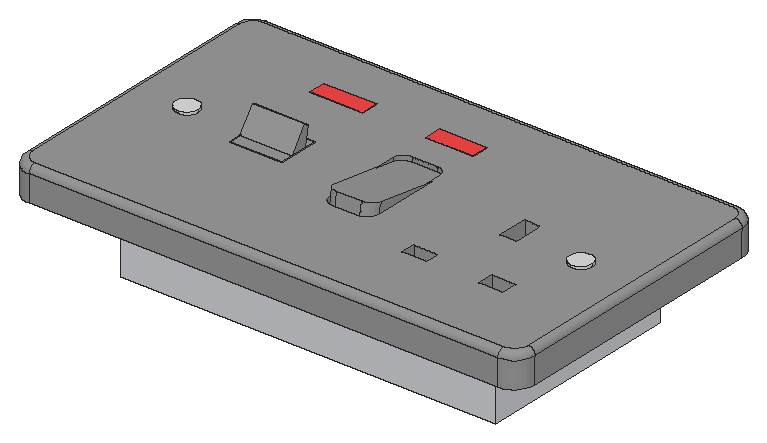
Revit family "ElectricalFixture_WiringAccessories_Hager_Sollysta_CookerControlUnit", category Electrical Fixtures, host Face, Revit 2015
Parameters (values of type "WMCC50N")
  Warranty ID = ""
  Voltage (Volts) = "230V/240V"
  Unique Reference = "WMCC50N"
  Type = "ElectricalFixture"
  Technical Description = Description  # "CookerControlUnitWithLEDIndicator"
  Switch = yes
  Supply Phase = "1"
  Size = ""
  Shipping Weight kg = "0.188"
  Shape = "Rectangular"
  Reference Standard = "BS 1363-2"
  Product URL = "http://www.hager.co.uk/product-catalogue/wiring-accessories/sollysta/white-moulded/white-moulded-sockets/58428.htm"
  Product Range = "Sollysta"
  Product Model Number = "WMCC50N"
  Product Literature = "http://www.hager.co.uk/product-catalogue/wiring-accessories/sollysta/38662.htm"
  Product Group = "WiringAccessories"
  Product Family = "WhiteMouldedSockets_CookerControlUnit"
  Packaging Recyclable = yes
  Overall Width = 0.0 mm
  Overall Length = 146.0 mm
  Overall Height = 86.0 mm
  Overall Depth = 26.07 mm
  Operation and Maintenance Manual = ""
  Name = "WhiteMouldedSocket_WMCC50N"
  Measurement Units = "mm"
  Material = Urea Formaldehyde Thermoset Plastic
  Manufacturer Website = "http://www.hager.co.uk/"
  Manufacturer Country = "United Kingdom"
  Manufacturer = "Hager"
  LED Indicator Switch = yes
  Gross Weight kg = "0.165"
  Frequency = "50/60Hz"
  Finish = "Gloss"
  Features = Description  # "CookerControlUnitWithLEDIndicator"
  Extrusion From Wall = 12.61 mm
  Expected Life = "25 years"
  EAN Code = "5015652260318"
  Distance From Edge = 63.59 mm
  Distance From Centre = 22.393 mm
  Design Country = "China"
  Description = "CookerControlUnitWithLEDIndicator"
  Default Elevation = 1219.2 mm
  Colour = "SollystaWhite"
  CE Approval = yes
Types (2, lengths in mm): name | Unique Reference | Technical Description | Product Model Number | Name | LED Indicator Switch | Features | EAN Code | Description
  WMCC50 | "WMCC50" | "CookerControlUnit" | "WMCC50" | "WhiteMouldedSocket_WMCC50" | no | "CookerControlUnit" | "5015652260301" | "CookerControlUnit"
  WMCC50N | "WMCC50N" | "CookerControlUnitWithLEDIndicator" | "WMCC50N" | "WhiteMouldedSocket_WMCC50N" | yes | "CookerControlUnitWithLEDIndicator" | "5015652260318" | "CookerControlUnitWithLEDIndicator"
Reference planes
  plane 1 "Center (Front/Back)": y = 0
  plane 2: z = 0
  plane 3 "Center (Left/Right)": x = 0
  plane 4: y = -43
  plane 5: y = 43
  plane 6: x = -73
  plane 7: x = 73
  plane 8: z = 9.47
  plane 9: z = -16.6
  plane 10: z = 12.61
  plane 11: y = -471.393
  plane 12: z = -20.53
  plane 13: x = 39.371
  plane 14: x = 44.593
  plane 15: x = 51.626
  plane 16: x = 29.429
  plane 17: x = 22.393
  plane 18: x = 34.693
Forms (mm)
  Extrusion 1, solid, material "Urea Formaldehyde Thermoset Plastic", detail levels fine
    sketch origin (0, 0, 0) x (1, 0, 0) y (0, 1, 0)
      loop
        arc (67.146, -43) -> (71.285, -41.285) -> (73, -37.146) r 5.854
        line (73, -37.146) -> (73, 37.146)
        arc (73, 37.146) -> (71.285, 41.285) -> (67.146, 43) r 5.854
        line (67.146, 43) -> (-67.146, 43)
        arc (-67.146, 43) -> (-71.285, 41.285) -> (-73, 37.146) r 5.854
        line (-73, 37.146) -> (-73, -37.146)
        arc (-73, -37.146) -> (-71.285, -41.285) -> (-67.146, -43) r 5.854
        line (-67.146, -43) -> (67.146, -43)
      loop
        spline (-6.046, -11.746) -> (-6.02, -12.137) -> (-5.943, -12.522) -> (-5.817, -12.894) -> (-5.644, -13.246) -> (-5.426, -13.572) -> (-5.167, -13.867) -> (-4.872, -14.125) -> (-4.546, -14.343) -> (-4.194, -14.517) -> (-3.822, -14.643) -> (-3.438, -14.72) -> (-3.046, -14.745)
        line (-3.046, -14.745) -> (4.355, -14.745)
        spline (4.355, -14.745) -> (4.747, -14.72) -> (5.131, -14.643) -> (5.503, -14.517) -> (5.855, -14.343) -> (6.181, -14.125) -> (6.476, -13.867) -> (6.735, -13.572) -> (6.953, -13.246) -> (7.126, -12.894) -> (7.252, -12.522) -> (7.329, -12.137) -> (7.368, -11.746)
        line (7.368, -11.746) -> (7.355, 10.866)
        spline (7.355, 10.866) -> (7.329, 11.258) -> (7.252, 11.643) -> (7.126, 12.014) -> (6.953, 12.366) -> (6.735, 12.692) -> (6.476, 12.987) -> (6.181, 13.246) -> (5.855, 13.464) -> (5.503, 13.638) -> (5.131, 13.764) -> (4.747, 13.84) -> (4.355, 13.902)
        line (4.355, 13.902) -> (-3.046, 13.866)
        spline (-3.046, 13.866) -> (-3.438, 13.84) -> (-3.822, 13.764) -> (-4.194, 13.638) -> (-4.546, 13.464) -> (-4.872, 13.246) -> (-5.167, 12.987) -> (-5.426, 12.692) -> (-5.644, 12.366) -> (-5.817, 12.014) -> (-5.943, 11.643) -> (-6.02, 11.258) -> (-6.046, 10.866)
        line (-6.046, 10.866) -> (-6.046, -11.746)
      loop
        line (34.693, 7.05) -> (34.693, -1.65) -> (39.371, -1.65) -> (39.371, 7.05) -> (34.693, 7.05)
      loop
        line (22.393, -17.2) -> (22.393, -21.468) -> (29.429, -21.468) -> (29.429, -17.2) -> (22.393, -17.2)
      loop
        line (44.593, -17.2) -> (44.593, -21.8) -> (51.626, -21.8) -> (51.626, -17.2) -> (44.593, -17.2)
      loop
        circle (-56.448, 0) r 3.228
      loop
        circle (56.448, 0) r 3.228
      loop
        line (-39.24, -6.262) -> (-24.24, -6.262) -> (-24.24, 5.738) -> (-39.24, 5.738) -> (-39.24, -6.262)
    from 0 to 9.47
  Sweep 2, void
    path origin (0, 0, 0) x (1, 0, 0) y (0, 1, 0)
      loop
        arc (67.146, -43) -> (71.285, -41.285) -> (73, -37.146) r 5.854
        line (73, -37.146) -> (73, 37.146)
        arc (73, 37.146) -> (71.285, 41.285) -> (67.146, 43) r 5.854
        line (67.146, 43) -> (-67.146, 43)
        arc (-67.146, 43) -> (-71.285, 41.285) -> (-73, 37.146) r 5.854
        line (-73, 37.146) -> (-73, -37.146)
        arc (-73, -37.146) -> (-71.285, -41.285) -> (-67.146, -43) r 5.854
        line (-67.146, -43) -> (67.146, -43)
    profile origin (0, -43, 0) x (0, -1, 0) y (0, 0, 1)
      loop
        line (0, 9.47) -> (-2, 9.47)
        arc (-2, 9.47) -> (-0.586, 8.884) -> (0, 7.47) r 2
        line (0, 7.47) -> (0, 9.47)
  Extrusion 3, solid, material "Steel, Chrome Plated", detail levels fine
    sketch origin (0, 0, 0) x (1, 0, 0) y (0, 1, 0)
      loop
        circle (-56.448, 0) r 3.228
    from 0 to 10
  Extrusion 4, solid, material "Steel, Chrome Plated", detail levels fine
    sketch origin (0, 0, 0) x (1, 0, 0) y (0, 1, 0)
      loop
        circle (56.448, 0) r 3.228
    from 0 to 10
  Extrusion 5, solid, material "Urea Formaldehyde Thermoset Plastic", detail levels medium
    sketch origin (0, 0, 0) x (1, 0, 0) y (0, 1, 0)
      loop
        line (-73, 43) -> (-73, -43) -> (73, -43) -> (73, 43) -> (-73, 43)
    from 0 to 9.47
  Extrusion 6, solid, material "Urea Formaldehyde Thermoset Plastic", detail levels fine
    sketch origin (0, -39.776, -17.164) x (0, 0.891007, -0.45399) y (0, 0.45399, 0.891007)
      loop
        line (20.991, 39.437) -> (25.918, 39.437) -> (23.567, 48.213) -> (22.381, 48.213) -> (20.991, 39.437)
    from -39.24 to -24.24
  Extrusion 7, solid, material "Urea Formaldehyde Thermoset Plastic", detail levels fine
    sketch origin (0, 0, 0) x (1, 0, 0) y (0, 1, 0)
      loop
        line (-39.24, -6.262) -> (-24.24, -6.262) -> (-24.24, 5.738) -> (-39.24, 5.738) -> (-39.24, -6.262)
    from 6.208 to 9.47
  Extrusion 8, solid, material "Urea Formaldehyde Thermoset Plastic", visible <- "Switch", detail levels fine
    sketch origin (-31.398, -20.015, 4.067) x (-1, 0, 0) y (0, -0.987688, 0.156434)
      loop
        line (-38.766, -8.53) -> (-38.766, -29.653)
        arc (-38.766, -29.653) -> (-37.819, -31.94) -> (-35.531, -32.888) r 3.235
        line (-35.531, -32.888) -> (-29.757, -32.888) -> (-28.661, -32.888)
        arc (-28.661, -32.888) -> (-26.321, -31.919) -> (-25.352, -29.58) r 3.308
        line (-25.352, -29.58) -> (-25.352, -8.616)
        arc (-25.352, -8.616) -> (-26.313, -6.296) -> (-28.634, -5.335) r 3.281
        line (-28.634, -5.335) -> (-35.572, -5.335)
        arc (-35.572, -5.335) -> (-37.831, -6.271) -> (-38.766, -8.53) r 3.194
    from 0 to 9.42
  Extrusion 9, solid, material "LED Indicator", visible <- "LED Indicator Switch", detail levels fine
    sketch origin (0, 0, 0) x (1, 0, 0) y (0, 1, 0)
      loop
        line (-39.306, 22.712) -> (-24.306, 22.712) -> (-24.306, 27.712) -> (-39.306, 27.712) -> (-39.306, 22.712)
      loop
        line (-6.084, 22.712) -> (7.405, 22.712) -> (7.405, 27.712) -> (-6.084, 27.712) -> (-6.084, 22.712)
    from 0 to 9.5
  Extrusion 10, solid
    sketch origin (0, 0, 0) x (1, 0, 0) y (0, 1, 0)
      loop
        line (-52.974, -28) -> (54.371, -28) -> (54.371, 30.952) -> (-52.974, 30.952) -> (-52.974, -28)
    from -20.53 to 0
Cuts and joins
  Sweep 2 cuts Extrusion 1
Lines and regions (mm)
  symbolic lines, style "ElectricalFixtures", not visible, detail levels coarse
    curve 1: line (73.42, -504.912, 19.451) -> (3.42, -504.912, 19.451)
    curve 2: arc (73.42, -504.912, 19.451) -> (38.42, -504.912, 54.451) -> (3.42, -504.912, 19.451) r 35
    curve 3: circle (38.42, -504.912, 54.451) r 6 normal (0, 1, 0)
    curve 4: line (38.42, -504.912, 54.451) -> (38.42, -504.912, 99.451)
    curve 5: line (38.42, -504.912, 99.451) -> (68.42, -504.912, 99.451)
    curve 6: line (38.42, -504.912, 54.451) -> (10.78, -504.912, 87.391)
    curve 7: line (10.78, -504.912, 87.391) -> (-3.315, -504.912, 75.564)
    curve 8: line (0.509, -504.912, 19.451) -> (-69.491, -504.912, 19.451)
    curve 9: arc (0.509, -504.912, 19.451) -> (-34.491, -504.912, 54.451) -> (-69.491, -504.912, 19.451) r 35
    curve 10: circle (-34.491, -504.912, 54.451) r 6 normal (0, 1, 0)
    curve 11: line (-34.491, -504.912, 54.451) -> (-34.491, -504.912, 99.451)
    curve 12: line (-34.491, -504.912, 99.451) -> (-4.491, -504.912, 99.451)
    curve 13: line (-34.491, -504.912, 54.451) -> (-62.13, -504.912, 87.391)
    curve 14: line (-62.13, -504.912, 87.391) -> (-76.226, -504.912, 75.564)
  model lines
    curve 15: line (-73, 37.146, 0) -> (-73, -37.146, 0)
    curve 16: line (-67.146, -43, 0) -> (67.146, -43, 0)
    curve 17: arc (-73, -37.146, 0) -> (-71.285, -41.285, 0) -> (-67.146, -43, 0) r 5.854
    curve 18: arc (-67.146, 43, 0) -> (-71.285, 41.285, 0) -> (-73, 37.146, 0) r 5.854
    curve 19: line (67.146, 43, 0) -> (-67.146, 43, 0)
    curve 20: arc (73, 37.146, 0) -> (71.285, 41.285, 0) -> (67.146, 43, 0) r 5.854
    curve 21: line (73, -37.146, 0) -> (73, 37.146, 0)
    curve 22: arc (67.146, -43, 0) -> (71.285, -41.285, 0) -> (73, -37.146, 0) r 5.854
    curve 23: line (51.626, -21.8, 0) -> (44.593, -21.8, 0)
    curve 24: line (44.593, -21.8, 0) -> (44.593, -17.2, 0)
    curve 25: line (44.593, -17.2, 0) -> (51.626, -17.2, 0)
    curve 26: line (51.626, -17.2, 0) -> (51.626, -21.8, 0)
    curve 27: line (29.429, -21.468, 0) -> (22.393, -21.468, 0)
    curve 28: line (22.393, -21.468, 0) -> (22.393, -17.2, 0)
    curve 29: line (22.393, -17.2, 0) -> (29.429, -17.2, 0)
    curve 30: line (29.429, -17.2, 0) -> (29.429, -21.468, 0)
    curve 31: line (34.693, -1.65, 0) -> (34.693, 7.05, 0)
    curve 32: line (34.693, 7.05, 0) -> (39.371, 7.05, 0)
    curve 33: line (39.371, 7.05, 0) -> (39.371, -1.65, 0)
    curve 34: line (39.371, -1.65, 0) -> (34.693, -1.65, 0)
    curve 35: arc (53.22, 0, 0) -> (56.448, -3.228, 0) -> (59.677, 0, 0) r 3.228
    curve 36: arc (59.677, 0, 0) -> (56.448, 3.228, 0) -> (53.22, 0, 0) r 3.228
    curve 37: arc (-59.677, 0, 0) -> (-56.448, -3.228, 0) -> (-53.22, 0, 0) r 3.228
    curve 38: arc (-53.22, 0, 0) -> (-56.448, 3.228, 0) -> (-59.677, 0, 0) r 3.228
    curve 39: line (-39.24, -6.262, 0) -> (-24.24, -6.262, 0)
    curve 40: line (-24.24, -6.262, 0) -> (-24.24, 5.738, 0)
    curve 41: line (-24.24, 5.738, 0) -> (-39.24, 5.738, 0)
    curve 42: line (-39.24, 5.738, 0) -> (-39.24, -6.262, 0)
    curve 43: line (-39.24, -3.169, 0) -> (-24.24, -3.169, 0)
    curve 44: line (-24.24, 1.221, 0) -> (-39.24, 1.221, 0)
    curve 53: line (-3.044, 13.879, 0) -> (4.355, 13.879, 0)
    curve 54: spline (4.355, 13.879, 0) -> (4.747, 13.853, 0) -> (5.133, 13.776, 0) -> (5.506, 13.649, 0) -> (5.858, 13.475, 0) -> (6.185, 13.256, 0) -> (6.481, 12.997, 0) -> (6.74, 12.701, 0) -> (6.959, 12.373, 0) -> (7.133, 12.02, 0) -> (7.259, 11.648, 0) -> (7.336, 11.262, 0) -> (7.361, 10.869, 0)
    curve 55: line (7.361, 10.869, 0) -> (7.361, -11.745, 0)
    curve 56: spline (7.361, -11.745, 0) -> (7.335, -12.137, 0) -> (7.258, -12.522, 0) -> (7.132, -12.894, 0) -> (6.958, -13.246, 0) -> (6.74, -13.573, 0) -> (6.481, -13.868, 0) -> (6.185, -14.127, 0) -> (5.859, -14.345, 0) -> (5.506, -14.519, 0) -> (5.134, -14.645, 0) -> (4.749, -14.721, 0) -> (4.357, -14.747, 0)
    curve 57: line (4.357, -14.747, 0) -> (-3.046, -14.747, 0)
    curve 58: spline (-3.046, -14.747, 0) -> (-3.438, -14.721, 0) -> (-3.823, -14.644, 0) -> (-4.195, -14.518, 0) -> (-4.547, -14.345, 0) -> (-4.873, -14.127, 0) -> (-5.169, -13.868, 0) -> (-5.427, -13.573, 0) -> (-5.646, -13.246, 0) -> (-5.819, -12.894, 0) -> (-5.945, -12.523, 0) -> (-6.022, -12.138, 0) -> (-6.048, -11.746, 0)
    curve 59: line (-6.048, -11.746, 0) -> (-6.048, -8.704, 0)
    curve 60: spline (-6.046, 10.758, 0) -> (-6.034, 11.161, 0) -> (-5.969, 11.558, 0) -> (-5.851, 11.943, 0) -> (-5.683, 12.308, 0) -> (-5.467, 12.648, 0) -> (-5.208, 12.957, 0) -> (-4.91, 13.227, 0) -> (-4.579, 13.456, 0) -> (-4.22, 13.638, 0) -> (-3.84, 13.771, 0) -> (-3.446, 13.852, 0) -> (-3.044, 13.879, 0)
    curve 61: line (-3.046, 13.902, 0) -> (4.355, 13.902, 0)
    curve 62: spline (4.355, 13.866, 0) -> (4.747, 13.84, 0) -> (5.131, 13.764, 0) -> (5.503, 13.638, 0) -> (5.855, 13.464, 0) -> (6.181, 13.246, 0) -> (6.476, 12.987, 0) -> (6.735, 12.692, 0) -> (6.953, 12.366, 0) -> (7.126, 12.014, 0) -> (7.252, 11.643, 0) -> (7.329, 11.258, 0) -> (7.355, 10.866, 0)
    curve 63: line (7.368, -11.59, 0) -> (7.368, 10.747, 0)
    curve 64: spline (7.355, -11.746, 0) -> (7.329, -12.137, 0) -> (7.252, -12.522, 0) -> (7.126, -12.894, 0) -> (6.953, -13.246, 0) -> (6.735, -13.572, 0) -> (6.476, -13.867, 0) -> (6.181, -14.125, 0) -> (5.855, -14.343, 0) -> (5.503, -14.517, 0) -> (5.131, -14.643, 0) -> (4.747, -14.72, 0) -> (4.355, -14.745, 0)
    curve 65: line (4.355, -14.745, 0) -> (-3.046, -14.745, 0)
    curve 66: spline (-3.046, -14.745, 0) -> (-3.438, -14.72, 0) -> (-3.822, -14.643, 0) -> (-4.194, -14.517, 0) -> (-4.546, -14.343, 0) -> (-4.872, -14.125, 0) -> (-5.167, -13.867, 0) -> (-5.426, -13.572, 0) -> (-5.644, -13.246, 0) -> (-5.817, -12.894, 0) -> (-5.943, -12.522, 0) -> (-6.02, -12.137, 0) -> (-6.046, -11.746, 0)
    curve 67: line (-6.046, 10.758, 0) -> (-6.046, -8.704, 0)
  model lines, visible <- "LED Indicator Switch"
    curve 45: line (-39.306, 22.712, 0) -> (-24.306, 22.712, 0)
    curve 46: line (-24.306, 22.712, 0) -> (-24.306, 27.712, 0)
    curve 47: line (-24.306, 27.712, 0) -> (-39.306, 27.712, 0)
    curve 48: line (-39.306, 27.712, 0) -> (-39.306, 22.712, 0)
    curve 49: line (-6.084, 22.712, 0) -> (7.405, 22.712, 0)
    curve 50: line (7.405, 22.712, 0) -> (7.405, 27.712, 0)
    curve 51: line (7.405, 27.712, 0) -> (-6.084, 27.712, 0)
    curve 52: line (-6.084, 27.712, 0) -> (-6.084, 22.712, 0)
Dimensions and locks
  plane 10 to plane 9 = 29.21 mm
  plane 8 to plane 9 = 26.07 mm
  plane 2 to plane 9 = 16.6 mm
  "Overall Length": plane 6 to plane 7
  "Overall Height": plane 4 to plane 5
  "Overall Depth": plane 9 to plane 8
  "Extrusion From Wall": plane 2 to plane 10
  plane 8 to plane 12 = 30.0 mm
  plane 17 to plane 16 to plane 18 to plane 13 to plane 14 to plane 15 = 7.036 mm locked, 5.264 mm locked, 4.678 mm locked, 5.222 mm locked, 7.033 mm locked
  "Distance From Centre": plane 3 "Center (Left/Right)" to plane 17
  locked: Extrusion 1 sketch curve to Extrusion 1 sketch curve at 16.552  (x2)
  aligned and locked: plane 2 to host face
  aligned and locked: level to host face
  aligned and locked: Extrusion 1 sketch curve to plane 4
  aligned and locked: Extrusion 1 sketch curve to plane 7
  aligned and locked: Extrusion 1 sketch curve to plane 5
  aligned and locked: Extrusion 1 sketch curve to plane 6
  aligned and locked: Extrusion 1 sketch curve to plane 18
  aligned and locked: Extrusion 1 sketch curve to plane 13
  aligned and locked: Extrusion 1 sketch curve to plane 17
  aligned and locked: Extrusion 1 sketch curve to plane 16
  aligned and locked: Extrusion 1 sketch curve to plane 14
  aligned and locked: Extrusion 1 sketch curve to plane 15
  aligned and locked: Extrusion 1 to plane 8
  aligned and locked: Sweep 2 sketch curve to plane 4
  aligned and locked: Sweep 2 sketch curve to plane 6
  aligned and locked: Sweep 2 sketch curve to plane 5
  aligned and locked: Sweep 2 sketch curve to plane 7
  aligned and locked: Extrusion 3 sketch curve to cut or joined group of Extrusion 1, Sweep 2  (x2)
  aligned and locked: Extrusion 4 sketch curve to cut or joined group of Extrusion 1, Sweep 2  (x2)
  aligned and locked: curve 17 to cut or joined group of Extrusion 1, Sweep 2
  aligned and locked: curve 18 to cut or joined group of Extrusion 1, Sweep 2
  aligned and locked: curve 20 to cut or joined group of Extrusion 1, Sweep 2
  aligned and locked: curve 22 to cut or joined group of Extrusion 1, Sweep 2
  aligned and locked: curve 23 to cut or joined group of Extrusion 1, Sweep 2
  aligned and locked: curve 24 to cut or joined group of Extrusion 1, Sweep 2
  aligned and locked: curve 25 to cut or joined group of Extrusion 1, Sweep 2
  aligned and locked: curve 26 to cut or joined group of Extrusion 1, Sweep 2
  aligned and locked: curve 27 to cut or joined group of Extrusion 1, Sweep 2
  aligned and locked: curve 28 to cut or joined group of Extrusion 1, Sweep 2
  aligned and locked: curve 29 to cut or joined group of Extrusion 1, Sweep 2
  aligned and locked: curve 30 to cut or joined group of Extrusion 1, Sweep 2
  aligned and locked: curve 31 to cut or joined group of Extrusion 1, Sweep 2
  aligned and locked: curve 32 to cut or joined group of Extrusion 1, Sweep 2
  aligned and locked: curve 33 to cut or joined group of Extrusion 1, Sweep 2
  aligned and locked: curve 34 to cut or joined group of Extrusion 1, Sweep 2
  aligned and locked: curve 35 to Extrusion 4
  aligned and locked: curve 36 to Extrusion 4
  aligned and locked: curve 37 to Extrusion 3
  aligned and locked: curve 38 to Extrusion 3
  aligned and locked: Extrusion 5 sketch curve to plane 6
  aligned and locked: Extrusion 5 sketch curve to plane 4
  aligned and locked: Extrusion 5 sketch curve to plane 7
  aligned and locked: Extrusion 5 sketch curve to plane 5
  aligned and locked: Extrusion 5 to plane 8
  aligned and locked: Extrusion 5 to level
  aligned and locked: Extrusion 6 to cut or joined group of Extrusion 1, Sweep 2  (x2)
  aligned and locked: Extrusion 7 sketch curve to cut or joined group of Extrusion 1, Sweep 2  (x4)
  aligned and locked: Extrusion 8 to cut or joined group of Extrusion 1, Sweep 2  (x2)
  aligned and locked: curve 39 to Extrusion 7
  aligned and locked: curve 40 to Extrusion 7
  aligned and locked: curve 41 to Extrusion 7
  aligned and locked: curve 42 to Extrusion 7
  aligned and locked: curve 43 to Extrusion 6
  aligned and locked: curve 44 to Extrusion 6
  aligned and locked: curve 45 to Extrusion 9
  aligned and locked: curve 46 to Extrusion 9
  aligned and locked: curve 47 to Extrusion 9
  aligned and locked: curve 48 to Extrusion 9
  aligned and locked: curve 49 to Extrusion 9
  aligned and locked: curve 50 to Extrusion 9
  aligned and locked: curve 51 to Extrusion 9
  aligned and locked: curve 52 to Extrusion 9
  aligned and locked: curve 61 to cut or joined group of Extrusion 1, Sweep 2
  aligned and locked: curve 63 to Extrusion 8
  aligned and locked: curve 65 to cut or joined group of Extrusion 1, Sweep 2
  aligned and locked: curve 67 to Extrusion 8
  aligned and locked: plane 12 to Extrusion 10
  aligned and locked: level to Extrusion 10
Automatic sketch dimensions
  host sketch curve to host sketch curve = 2438.4 mm  (x2)
  plane 5 to Sweep 2 sketch curve = 5.854 mm  (x2)
  plane 6 to Sweep 2 sketch curve = 5.854 mm
  Sweep 2 sketch curve to plane 4 = 5.854 mm
  Sweep 2 sketch curve to profile plane = 0.0 mm
  level to Sweep 2 sketch curve = 7.47 mm
  Sweep 2 sketch curve to Sweep 2 sketch curve = 2.0 mm
  Extrusion 6 sketch curve to plane 1 "Center (Front/Back)" = 2.053 mm
  Extrusion 6 sketch curve to plane 10 = 3.023 mm
  Extrusion 6 sketch curve to Extrusion 6 sketch curve = 1.186 mm
  Extrusion 6 sketch curve to Extrusion 6 sketch curve = 1.39 mm
  Extrusion 6 sketch curve to Extrusion 6 sketch curve = 4.928 mm
  Extrusion 6 sketch curve to Extrusion 6 sketch curve = 8.775 mm
  plane 3 "Center (Left/Right)" to Extrusion 8 sketch curve = 7.368 mm
  plane 3 "Center (Left/Right)" to Extrusion 8 sketch curve = 4.174 mm
  plane 3 "Center (Left/Right)" to Extrusion 8 sketch curve = 4.133 mm
  Extrusion 8 sketch curve to plane 3 "Center (Left/Right)" = 1.641 mm
  Extrusion 8 sketch curve to Extrusion 8 sketch curve = 1.097 mm
  Extrusion 8 sketch curve to plane 3 "Center (Left/Right)" = 2.764 mm
  Extrusion 8 sketch curve to Extrusion 8 sketch curve = 3.308 mm
  Extrusion 8 sketch curve to Extrusion 8 sketch curve = 20.963 mm
  plane 1 "Center (Front/Back)" to Extrusion 1 sketch curve = 0.0 mm  (x2)
  plane 6 to Extrusion 1 sketch curve = 5.854 mm  (x2)
  Extrusion 1 sketch curve to plane 1 "Center (Front/Back)" = 5.738 mm
  Extrusion 1 sketch curve to Extrusion 1 sketch curve = 17.209 mm
  plane 1 "Center (Front/Back)" to Extrusion 1 sketch curve = 6.262 mm
  Extrusion 1 sketch curve to Extrusion 1 sketch curve = 15.0 mm
  Extrusion 1 sketch curve to plane 3 "Center (Left/Right)" = 6.046 mm
  Extrusion 1 sketch curve to plane 3 "Center (Left/Right)" = 3.046 mm  (x2)
  plane 3 "Center (Left/Right)" to Extrusion 1 sketch curve = 4.355 mm
  Extrusion 1 sketch curve to Extrusion 1 sketch curve = 5.854 mm
  Extrusion 1 sketch curve to plane 7 = 5.854 mm
  Extrusion 1 sketch curve to plane 4 = 21.2 mm
  Extrusion 1 sketch curve to Extrusion 1 sketch curve = 0.332 mm
  Extrusion 1 sketch curve to Extrusion 1 sketch curve = 4.268 mm
  Extrusion 1 sketch curve to Extrusion 1 sketch curve = 4.6 mm
  plane 1 "Center (Front/Back)" to Extrusion 1 sketch curve = 14.745 mm
  Extrusion 1 sketch curve to Extrusion 1 sketch curve = 3.0 mm  (x2)
  plane 1 "Center (Front/Back)" to Extrusion 1 sketch curve = 1.65 mm
  Extrusion 1 sketch curve to plane 1 "Center (Front/Back)" = 7.05 mm
  Extrusion 1 sketch curve to plane 1 "Center (Front/Back)" = 10.866 mm
  Extrusion 1 sketch curve to Extrusion 1 sketch curve = 0.0 mm  (x4)
  Extrusion 1 sketch curve to Extrusion 1 sketch curve = 0.001 mm  (x3)
  Extrusion 1 sketch curve to plane 3 "Center (Left/Right)" = 0.923 mm  (x2)
  plane 3 "Center (Left/Right)" to Extrusion 1 sketch curve = 4.354 mm
  Extrusion 1 sketch curve to Extrusion 1 sketch curve = 2.121 mm  (x4)
  Extrusion 1 sketch curve to Extrusion 1 sketch curve = 0.878 mm  (x2)
  Extrusion 1 sketch curve to Extrusion 1 sketch curve = 0.014 mm
  Extrusion 1 sketch curve to Extrusion 1 sketch curve = 2.123 mm
  Extrusion 1 sketch curve to Extrusion 1 sketch curve = 2.122 mm
  Extrusion 1 sketch curve to Extrusion 1 sketch curve = 0.036 mm
  plane 6 to Extrusion 9 sketch curve = 33.694 mm
  Extrusion 9 sketch curve to Extrusion 9 sketch curve = 15.0 mm
  Extrusion 9 sketch curve to plane 3 "Center (Left/Right)" = 6.084 mm
  plane 3 "Center (Left/Right)" to Extrusion 9 sketch curve = 7.405 mm
  plane 5 to Extrusion 9 sketch curve = 20.288 mm  (x2)
  Extrusion 9 sketch curve to Extrusion 9 sketch curve = 5.0 mm  (x2)
  curve 57 to plane 3 "Center (Left/Right)" = 3.046 mm
  curve 53 to plane 3 "Center (Left/Right)" = 3.044 mm
  plane 3 "Center (Left/Right)" to curve 57 = 4.357 mm
  plane 3 "Center (Left/Right)" to curve 53 = 4.355 mm
  curve 57 to curve 55 = 3.004 mm
  curve 57 to curve 59 = 3.001 mm
  curve 57 to curve 55 = 3.002 mm
  plane 1 "Center (Front/Back)" to curve 59 = 8.704 mm
  curve 55 to plane 1 "Center (Front/Back)" = 10.869 mm
  curve 60 to curve 53 = 3.121 mm
  curve 58 to curve 58 = 3.001 mm
  curve 60 to curve 60 = 0.001 mm
  curve 60 to plane 3 "Center (Left/Right)" = 0.919 mm
  curve 58 to plane 3 "Center (Left/Right)" = 0.924 mm
  curve 56 to curve 56 = 3.003 mm
  curve 54 to curve 54 = 0.0 mm
  curve 54 to curve 54 = 2.125 mm
  curve 57 to curve 56 = 2.125 mm
  curve 61 to curve 60 = 0.002 mm
  curve 54 to curve 61 = 0.0 mm
  curve 62 to curve 54 = 0.001 mm
  curve 54 to curve 62 = 0.0 mm
  curve 62 to curve 54 = 0.004 mm
  curve 62 to curve 54 = 0.007 mm  (x2)
  curve 56 to curve 63 = 0.155 mm
  curve 63 to curve 54 = 0.122 mm
  curve 62 to curve 54 = 0.003 mm
  curve 65 to curve 57 = 0.002 mm
  curve 57 to curve 65 = 0.001 mm
  curve 57 to curve 65 = 0.0 mm
  curve 64 to curve 56 = 0.004 mm
  curve 64 to curve 56 = 0.006 mm
  curve 64 to curve 56 = 0.007 mm
  curve 64 to curve 56 = 0.001 mm
  curve 58 to curve 66 = 0.002 mm
  curve 58 to curve 66 = 0.001 mm  (x2)
  curve 58 to curve 66 = 0.0 mm
  curve 59 to curve 67 = 0.002 mm
  curve 59 to curve 67 = 0.0 mm
  curve 53 to curve 61 = 0.023 mm
  plane 6 to Extrusion 10 sketch curve = 20.026 mm
  plane 15 to Extrusion 10 sketch curve = 2.745 mm
  Extrusion 10 sketch curve to plane 4 = 15.0 mm
  plane 5 to Extrusion 10 sketch curve = 12.048 mm
  radius of Extrusion 1 sketch curve = 3.228 mm  (x2)
Nested families
  nested 1: "LED Switch" at (115.776, 36.364, 0), type "LED Switch"
  nested 2: "LED Switch" at (-1946.613, 203, 0), type "LED Switch"
Connectors
  electrical at (0, 0, 0)
    settings: on cut or joined group of Extrusion 1, Sweep 2, index 1, voltage 230 V, apparent load 0 VA, apparent load phase1 0 VA, apparent load phase2 0 VA, apparent load phase3 0 VA, power factor 1, load classification "Other", number of poles 1, system type 31, power factor state 1, is connector primary yes, connector utility no, sub classification motor no, connector description ""
Definition of nested family "LED Switch"
  Parameters (values of type "LED Switch")
    LED Indicator Switch = no
  Reference planes
    plane 1 "Center (Front/Back)": y = 0
    plane 2: z = 0
    plane 3 "Center (Left/Right)": x = 0
  Forms (mm)
    Extrusion 1, solid, visible <- "LED Indicator Switch", detail levels fine
      sketch origin (-4.952, -17.415, 4.745) x (-1, 0, 0) y (0, -0.987688, 0.156434)
        loop
          line (-2.778, -29.269) -> (-7.654, -29.269) -> (-7.654, -32.25) -> (-2.778, -32.25) -> (-2.778, -29.269)
      from 0 to 8.633
    Extrusion 2, solid, visible <- "LED Indicator Switch", detail levels fine
      sketch origin (-74.952, -18.168, 4.067) x (-1, 0, 0) y (0, -0.987688, 0.156434)
        loop
          line (-82.054, -8.53) -> (-82.054, -29.653)
          arc (-82.054, -29.653) -> (-81.106, -31.94) -> (-78.819, -32.888) r 3.235
          line (-78.819, -32.888) -> (-77.654, -32.888) -> (-77.654, -29.907) -> (-75.259, -29.907) -> (-72.778, -29.907) -> (-72.778, -32.888) -> (-71.698, -32.888)
          arc (-71.698, -32.888) -> (-69.359, -31.919) -> (-68.39, -29.58) r 3.308
          line (-68.39, -29.58) -> (-68.39, -8.616)
          arc (-68.39, -8.616) -> (-69.351, -6.296) -> (-71.671, -5.335) r 3.281
          line (-71.671, -5.335) -> (-78.859, -5.335)
          arc (-78.859, -5.335) -> (-81.118, -6.271) -> (-82.054, -8.53) r 3.194
      from 0 to 9.42
  Dimensions and locks
    aligned and locked: level to plane 2
